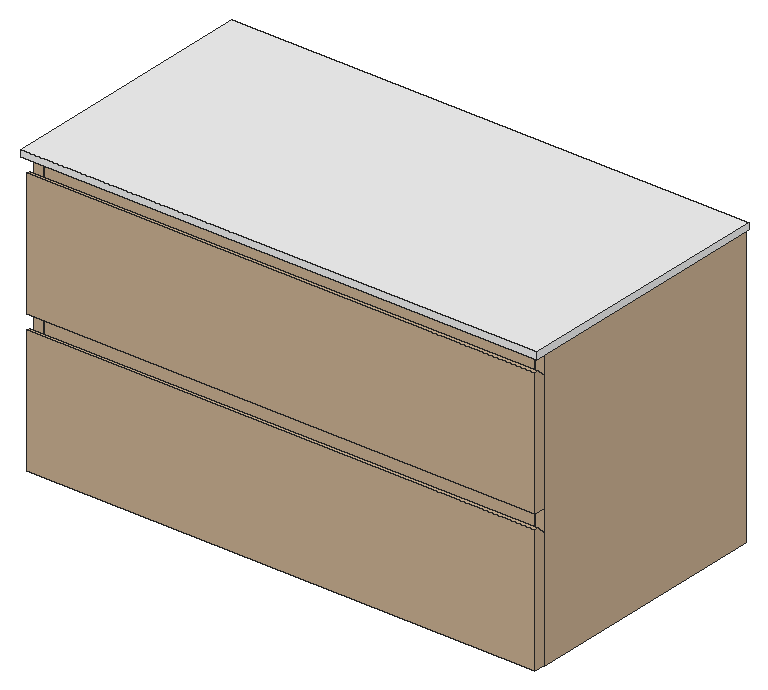
Revit family "Reece_Vanity_Kado_Arc_Drawer", category Casework, Revit 2018
Family settings
  Work Plane-Based = Yes
  Always vertical = Yes
  Cut with Voids When Loaded = Yes
  Shared = Yes
  Room Calculation Point = Yes
Parameters (values of type "Reece_All_Types")
  Width = Reece_Vanity_Top_Width  # 900 mm
  Reece_Vertical_Division_Count = 1
  Reece_Vanity_Top_Width = 900 mm
  Reece_Vanity_Top_Depth = 460 mm
  Reece_Vanity_Double_Bowl [instance] = Reece_Vanity_Bowl_Count = 2  # no
  Reece_Vanity_Centre_Bowl [instance] = Reece_Vanity_Bowl_Count = 1  # yes
  Reece_Vanity_Cabinet_Width [instance] = Reece_Vanity_Top_Width - 10 mm  # 890 mm
  Reece_Vanity_Cabinet_KickplateOrInstallation_Height [instance] = 200 mm
  Reece_Vanity_Cabinet_Height [instance] = if(Reece_Cabinet_Height Dimension > 490 mm, 490 mm, if(Reece_Cabinet_Height Dimension < 490 mm, 400 mm, Reece_Cabinet_Height Dimension))  # 490 mm
  Reece_Vanity_Cabinet_Depth [instance] = Reece_Vanity_Top_Depth - 23 mm  # 437 mm
  Reece_Vanity_Bowl_Count = 1
  Reece_Product_Web Page = "https://www.reece.com.au/product/-"
  Reece_Product_Type = "Vanity"
  Reece_Product_Sub Brand = "Arc"
  Reece_Product_Number = ""
  Reece_Product_Mount = "Wall Mounted"
  Reece_Product_Description = ""
  Reece_Product_Brand = "Kado"
  Reece_Panels_Count [instance] = if(Reece_Vertical_Division_Count > 2, 2, if(Reece_Vertical_Division_Count < 2, Reece_Vertical_Division_Count, Reece_Vertical_Division_Count))  # 1
  Reece_Panel_Width [instance] = Reece_Distance_Calculation  # 886 mm
  Reece_Overall_Depth [instance] = 460 mm
  Reece_Material_Secondary = Reece_Timber_Australian Chestnut
  Reece_Material_Cabinet = Reece_Timber_Australian Chestnut
  Reece_Material_Benchtop = Reece_Corian_Solid_Surface_Glacier White
  Reece_Drawer_Plumbing Cut [instance] = 196 mm  # constant formula
  Reece_Drawer_No Plumbing Cut [instance] = 10 mm  # constant formula
  Reece_Drawer_Back Panel_Height = 0 mm
  Reece_Drawer [instance] = yes
  Reece_Detail_Taphole Configuration = ""
  Reece_Detail_Disclaimer = "THIS FILE IS THE PROPERTY OF THE REECE GROUP. IT MAY NOT BE REPRODUCED, REVERSE-ENGINEERED, OR MODIFIED. ANY REPUBLICATION, TRANSMISSION, OR DISTRIBUTION FOR THE PURPOSE OF COMMERCIALLY EXPLOITING THE FILES IS PROHIBITED."  # constant formula
  Reece_Detail_Bowl Type = ""
  Reece_Centre_Panel_2 = Reece_Vertical_Division_Count = 4  # no
  Reece_Cabinet_Type_2 [instance] = not(Reece_Cabinet_Type_1)  # yes
  Reece_Cabinet_Type_1 [instance] = and(or(Reece_Vertical_Division_Count = 2, Reece_Cabinet_Height Dimension = 400 mm, Reece_Vanity_Top_Width < 600 mm))  # no
  Reece_Cabinet_Height Dimension = 490 mm
  Reece_Panel_Thickness_Top = 12 mm
  Reece_Panel_Thickness_Side [instance] = 18 mm  # constant formula
  Reece_Panel_Thickness_Bottom [instance] = 16 mm  # constant formula
  Reece_Panel_Thickness_Back [instance] = 16 mm  # constant formula
  Reece_Panel_Offset [instance] = ((Reece_Distance_Calculation / 2)) + Reece_Panel_Gap  # 445 mm
  Reece_Panel_Height [instance] = Reece_Vanity_Cabinet_Height - 25 mm  # 465 mm
  Reece_Panel_Gap [instance] = 2 mm  # constant formula
  Reece_Panel_Count_Doors [instance] = if(Reece_Panels_Count = 1, 2, Reece_Panels_Count)  # 2
  Reece_Overall_Width [instance] = 900 mm
  Reece_Overall_Height [instance] = 502 mm
  Reece_Overall_Capacity = 0.00 L
  Reece_Drawer_Height [instance] = (Reece_Vanity_Cabinet_Height / 2) - 25 mm  # 220 mm
  Reece_Drawer_Depth [instance] = 455 mm  # constant formula
  Reece_Distance_Calculation [instance] = ((Reece_Vanity_Cabinet_Width) - ((Reece_Panels_Count + 1) * Reece_Panel_Gap)) / (Reece_Panels_Count)  # 886 mm
  Reece_Detail_Additional = "Please refer to Colour, Finish and Material Variations Document for more information.\r\n"  # constant formula
  Reece_Centre_Panel [instance] = Reece_Vertical_Division_Count = 2  # no
  Reece_Basin_Outlet = 40 mm  # constant formula
  Height = Reece_Cabinet_Height Dimension + Reece_Panel_Thickness_Top  # 502 mm
  Finish = "Please refer to Colour, Finish and Material Variations Document for more information.\r\n"  # constant formula
  Disclaimer = "THIS FILE IS THE PROPERTY OF THE REECE GROUP. IT MAY NOT BE REPRODUCED, REVERSE-ENGINEERED, OR MODIFIED. ANY REPUBLICATION, TRANSMISSION, OR DISTRIBUTION FOR THE PURPOSE OF COMMERCIALLY EXPLOITING THE FILES IS PROHIBITED."  # constant formula
  Depth = Reece_Vanity_Top_Depth  # 460 mm
  Default Elevation = 0 mm
Reference planes
  plane 1 "Center (Front/Back)": y = 0
  plane 2 "Bottom Host Plane": z = 200
  plane 3 "Center Top View Vertical": x = 0
  plane 4: x = -450
  plane 5: x = 450
  plane 6 "Top Host Plane": z = 702
  plane 7 "Top of Cabinet": z = 690
  plane 8: y = -460
  plane 9 "Centre Top View Horizontal": y = -230
  plane 10: y = -437
  plane 11: x = -445
  plane 12: x = 445
  plane 13: x = -427
  plane 14: x = 427
  plane 15: z = 216
  plane 16: y = -16
  plane 17: y = -437
  plane 18: y = -419
  plane 19 "Backing 1": z = 621
  plane 20 "Mid Top": z = 567.5
  plane 21 "Mid Host Plane": z = 445
  plane 22 "Mid Bottom": z = 322.5
  plane 23: x = 0
  plane 24: x = 0
  plane 25 "Backing 2": z = 376
  plane 26: y = -455
  plane 27: z = 480
Forms (mm)
  Extrusion 1, solid, material "Reece_Corian_Solid_Surface_Glacier White" <- "Reece_Material_Benchtop"
    sketch origin (0, 0, 0) x (1, 0, 0) y (0, 0, 1)
      loop
        line (-450, 702) -> (-450, 690) -> (450, 690) -> (450, 702) -> (-450, 702)
    from 0 to 460
  Extrusion 2, solid, material "Reece_Timber_Australian Chestnut" <- "Reece_Material_Cabinet"
    sketch origin (0, 0, 0) x (1, 0, 0) y (0, 0, 1)
      loop
        line (-445, 690) -> (-445, 200) -> (-427, 200) -> (-427, 690) -> (-445, 690)
      loop
        line (427, 690) -> (427, 200) -> (445, 200) -> (445, 690) -> (427, 690)
    from 0 to 437
  Extrusion 3, solid, material "Reece_Timber_Australian Chestnut" <- "Reece_Material_Cabinet"
    sketch origin (0, 0, 0) x (0, 1, 0) y (0, 0, 1)
      loop
        line (-16, 690) -> (-16, 200) -> (0, 200) -> (0, 690) -> (-16, 690)
    from -445 to 445
  Extrusion 4, solid, material "Reece_Timber_Australian Chestnut" <- "Reece_Material_Cabinet"
    sketch origin (0, 0, 0) x (0, 1, 0) y (0, 0, 1)
      loop
        line (-16, 216) -> (-437, 216) -> (-437, 200) -> (-16, 200) -> (-16, 216)
    from -427 to 427
  Extrusion 5, solid, material "Reece_Timber_Australian Chestnut" <- "Reece_Material_Cabinet"
    sketch origin (0, 0, 0) x (0, 1, 0) y (0, 0, 1)
      loop
        line (-437, 690) -> (-437, 621) -> (-419, 621) -> (-419, 690) -> (-437, 690)
    from -427 to 427
  Extrusion 6, solid, material "Reece_Timber_Australian Chestnut" <- "Reece_Material_Secondary", visible <- "Reece_Cabinet_Type_2"
    sketch origin (0, 0, 0) x (0, 1, 0) y (0, 0, 1)
      loop
        line (-419, 480) -> (-437, 480) -> (-437, 376) -> (-419, 376) -> (-419, 480)
    from -427 to 427
  Extrusion 7, solid, material "Reece_Timber_Australian Chestnut" <- "Reece_Material_Secondary", visible <- "Reece_Centre_Panel_2"
    sketch origin (0, 0, 0) x (0, 1, 0) y (0, 0, 1)
      loop
        line (-419, 690) -> (-419, 621) -> (-437, 621) -> (-437, 445) -> (-419, 445) -> (-419, 376) -> (-437, 376) -> (-437, 216) -> (-16, 216) -> (-16, 690) -> (-419, 690)
    from -8 to 8
  Extrusion 8, solid, material "Reece_Timber_Australian Chestnut" <- "Reece_Material_Secondary", visible <- "Reece_Centre_Panel"
    sketch origin (0, 0, 0) x (0, 1, 0) y (0, 0, 1)
      loop
        line (-419, 690) -> (-419, 621) -> (-437, 621) -> (-437, 216) -> (-16, 216) -> (-16, 690) -> (-419, 690)
    from -8 to 8
Cuts and joins
  joined: Extrusion 2, Extrusion 3
Text (mm)
  text "Reece ©" at (2681.132, -2204.482, 3131.199), in view "Reece Preview"
  text "Reece Copyright © 2018, Reece Ltd." at (-937.254, -600.267, 0), in view "Ref. Level"
Dimensions and locks
  "Reece_Vanity_Cabinet_Height": plane 7 "Top of Cabinet" to plane 2 "Bottom Host Plane"
  "Reece_Panel_Thickness_Top": plane 6 "Top Host Plane" to plane 7 "Top of Cabinet"
  "Reece_Overall_Height": plane 6 "Top Host Plane" to plane 2 "Bottom Host Plane"
  equal spacing: plane 8, plane 9 "Centre Top View Horizontal", plane 1 "Center (Front/Back)"
  "Reece_Vanity_Top_Depth": plane 8 to plane 1 "Center (Front/Back)"
  "Reece_Vanity_Cabinet_KickplateOrInstallation_Height": plane 2 "Bottom Host Plane" to level
  plane 6 "Top Host Plane" to level = 702 mm
  equal spacing: plane 5, plane 3 "Center Top View Vertical", plane 4
  "Reece_Vanity_Top_Width": plane 5 to plane 4
  equal spacing: plane 12, plane 3 "Center Top View Vertical", plane 11
  "Reece_Vanity_Cabinet_Width": plane 12 to plane 11
  "Reece_Vanity_Cabinet_Depth": plane 1 "Center (Front/Back)" to plane 10
  "Reece_Vanity_Top_Depth": plane 1 "Center (Front/Back)" to plane 8
  "Reece_Panel_Thickness_Bottom": plane 15 to plane 2 "Bottom Host Plane"
  "Reece_Panel_Thickness_Back": plane 1 "Center (Front/Back)" to plane 16
  "Reece_Panel_Thickness_Side": plane 13 to plane 11
  "Reece_Panel_Thickness_Side": plane 14 to plane 12
  plane 18 to plane 17 to plane 8 = 18 mm locked, 23 mm locked
  equal spacing: plane 7 "Top of Cabinet", plane 20 "Mid Top", plane 21 "Mid Host Plane", plane 22 "Mid Bottom", plane 2 "Bottom Host Plane"
  locked: plane 19 "Backing 1" to plane 7 "Top of Cabinet" at 69
  equal spacing: plane 24, plane 3 "Center Top View Vertical", plane 23
  "Reece_Panel_Offset": plane 23 to plane 11
  "Reece_Overall_Width": plane 4 to plane 5
  "Reece_Overall_Depth": plane 8 to plane 1 "Center (Front/Back)"
  plane 25 "Backing 2" to plane 21 "Mid Host Plane" to plane 27 = 69 mm locked, 35 mm locked
  aligned and locked: plane 6 "Top Host Plane" to Extrusion 1 sketch curve
  aligned and locked: plane 4 to Extrusion 1 sketch curve
  aligned and locked: Extrusion 1 sketch curve to plane 7 "Top of Cabinet"
  aligned and locked: plane 5 to Extrusion 1 sketch curve
  aligned and locked: Extrusion 1 to plane 8
  aligned and locked: Extrusion 1 to Extrusion 2 sketch curve
  aligned and locked: plane 11 to Extrusion 2 sketch curve
  aligned and locked: plane 2 "Bottom Host Plane" to Extrusion 2 sketch curve  (x2)
  aligned and locked: Extrusion 2 sketch curve to plane 13
  aligned and locked: plane 7 "Top of Cabinet" to Extrusion 2 sketch curve
  aligned and locked: Extrusion 2 sketch curve to plane 14
  aligned and locked: plane 12 to Extrusion 2 sketch curve
  aligned and locked: Extrusion 2 to plane 10
  aligned and locked: plane 7 "Top of Cabinet" to Extrusion 3 sketch curve
  aligned and locked: Extrusion 3 sketch curve to plane 16
  aligned and locked: plane 2 "Bottom Host Plane" to Extrusion 3 sketch curve
  aligned and locked: Extrusion 3 to plane 11
  aligned and locked: Extrusion 3 to plane 12
  aligned and locked: plane 15 to Extrusion 4 sketch curve
  aligned and locked: Extrusion 4 sketch curve to plane 16
  aligned and locked: Extrusion 4 sketch curve to plane 2 "Bottom Host Plane"
  aligned and locked: plane 10 to Extrusion 4 sketch curve
  aligned and locked: Extrusion 4 to plane 13
  aligned and locked: Extrusion 4 to plane 14
  aligned and locked: plane 17 to Extrusion 5 sketch curve
  aligned and locked: Extrusion 5 sketch curve to plane 19 "Backing 1"
  aligned and locked: Extrusion 5 sketch curve to plane 18
  aligned and locked: Extrusion 5 sketch curve to plane 7 "Top of Cabinet"
  aligned and locked: Extrusion 5 to plane 13
  aligned and locked: Extrusion 5 to plane 14
  aligned and locked: plane 1 "Center (Front/Back)" to nested 1
  aligned and locked: plane 23 to nested 1
  aligned and locked: plane 23 to nested 2
  aligned and locked: nested 3 to plane 24
  aligned and locked: nested 4 to plane 24
  aligned and locked: plane 17 to Extrusion 6 sketch curve
  aligned and locked: Extrusion 6 sketch curve to plane 18
  aligned and locked: Extrusion 6 sketch curve to plane 25 "Backing 2"
  aligned and locked: Extrusion 6 to plane 13
  aligned and locked: Extrusion 6 to plane 14
  aligned and locked: plane 23 to nested 5
  aligned and locked: plane 1 "Center (Front/Back)" to nested 5
  aligned and locked: nested 6 to plane 24
  aligned and locked: plane 3 "Center Top View Vertical" to nested 7
  aligned and locked: plane 9 "Centre Top View Horizontal" to nested 7
  aligned and locked: cut or joined group of Extrusion 2, Extrusion 3 to plane 17
  aligned and locked: plane 23 to nested 8
  aligned and locked: nested 9 to plane 24
  aligned and locked: plane 7 "Top of Cabinet" to Extrusion 7 sketch curve
  aligned and locked: plane 16 to Extrusion 7 sketch curve
  aligned and locked: plane 15 to Extrusion 7 sketch curve
  aligned and locked: plane 18 to Extrusion 7 sketch curve  (x2)
  aligned and locked: plane 19 "Backing 1" to Extrusion 7 sketch curve
  aligned and locked: plane 17 to Extrusion 7 sketch curve  (x2)
  aligned and locked: plane 21 "Mid Host Plane" to Extrusion 7 sketch curve
  aligned and locked: plane 25 "Backing 2" to Extrusion 7 sketch curve
  aligned and locked: Extrusion 6 sketch curve to plane 27
Automatic sketch dimensions
  Extrusion 3 sketch curve to plane 1 "Center (Front/Back)" = 0 mm
  plane 7 "Top of Cabinet" to Extrusion 8 sketch curve = 0 mm
  Extrusion 8 sketch curve to plane 18 = 0 mm
  Extrusion 8 sketch curve to plane 15 = 0 mm
  Extrusion 8 sketch curve to plane 16 = 0 mm
  plane 19 "Backing 1" to Extrusion 8 sketch curve = 0 mm
  Extrusion 8 sketch curve to plane 10 = 0 mm
Nested families
  nested 1: "Reece_Vanity_Kado_Arc_Drawer_Nested" at (0, 0, 200), Reece_Overall_Width <- "Reece_Panel_Width", Reece_Overall_Height <- "Reece_Drawer_Height", visible <- "Reece_Cabinet_Type_2", Reece_Overall_Depth <- "Reece_Drawer_Depth", Reece_Drawer <- "Reece_Drawer", Reece_Material_Secondary <- "Reece_Material_Secondary", Reece_Material_Cabinet <- "Reece_Material_Cabinet", type "Reece_Vanity_Kado_Arc_Drawer_Nested"
    with Reece_Overall_Width 886 mm, Reece_Overall_Length 200 mm, Reece_Overall_Height 220 mm, Reece_Overall_Depth 455 mm, Reece_Material_Secondary Reece_Timber_Australian Chestnut, Reece_Material_Cabinet Reece_Timber_Australian Chestnut, Reece_Drawer_Width 774 mm, Reece_Drawer_Plumbing Cut 10 mm, Reece_Drawer_Height 96 mm, Reece_Drawer_Depth 344 mm, Reece_Drawer_Back Panel_Height 96 mm, Reece_Drawer yes
  nested 2: "Reece_Vanity_Kado_Arc_Drawer_Nested" at (0, 0, 445), Reece_Overall_Width <- "Reece_Panel_Width", Reece_Overall_Height <- "Reece_Drawer_Height", visible <- "Reece_Cabinet_Type_2", Reece_Overall_Depth <- "Reece_Drawer_Depth", Reece_Drawer <- "Reece_Drawer", Reece_Material_Secondary <- "Reece_Material_Secondary", Reece_Drawer_Plumbing Cut <- "Reece_Drawer_Plumbing Cut", Reece_Material_Cabinet <- "Reece_Material_Cabinet", type "Reece_Vanity_Kado_Arc_Drawer_Nested"
    with Reece_Overall_Width 886 mm, Reece_Overall_Length 200 mm, Reece_Overall_Height 220 mm, Reece_Overall_Depth 455 mm, Reece_Material_Secondary Reece_Timber_Australian Chestnut, Reece_Material_Cabinet Reece_Timber_Australian Chestnut, Reece_Drawer_Width 774 mm, Reece_Drawer_Plumbing Cut 196 mm, Reece_Drawer_Height 96 mm, Reece_Drawer_Depth 344 mm, Reece_Drawer_Back Panel_Height 96 mm, Reece_Drawer yes
  nested 3: "Reece_Vanity_Kado_Arc_Drawer_Nested" at (0, 0, 200) x (-1, 0, 0) z (0, 0, 1), Reece_Overall_Width <- "Reece_Panel_Width", Reece_Overall_Height <- "Reece_Drawer_Height", visible <- "Reece_Cabinet_Type_2", Reece_Overall_Depth <- "Reece_Drawer_Depth", Reece_Drawer <- "Reece_Drawer", Reece_Material_Secondary <- "Reece_Material_Secondary", Reece_Material_Cabinet <- "Reece_Material_Cabinet", type "Reece_Vanity_Kado_Arc_Drawer_Nested"
    with Reece_Overall_Width 886 mm, Reece_Overall_Length 200 mm, Reece_Overall_Height 220 mm, Reece_Overall_Depth 455 mm, Reece_Material_Secondary Reece_Timber_Australian Chestnut, Reece_Material_Cabinet Reece_Timber_Australian Chestnut, Reece_Drawer_Width 774 mm, Reece_Drawer_Plumbing Cut 10 mm, Reece_Drawer_Height 96 mm, Reece_Drawer_Depth 344 mm, Reece_Drawer_Back Panel_Height 96 mm, Reece_Drawer yes
  nested 4: "Reece_Vanity_Kado_Arc_Drawer_Nested" at (0, 0, 445) x (-1, 0, 0) z (0, 0, 1), Reece_Overall_Width <- "Reece_Panel_Width", Reece_Overall_Height <- "Reece_Drawer_Height", visible <- "Reece_Cabinet_Type_2", Reece_Overall_Depth <- "Reece_Drawer_Depth", Reece_Drawer <- "Reece_Drawer", Reece_Material_Secondary <- "Reece_Material_Secondary", Reece_Drawer_Plumbing Cut <- "Reece_Drawer_Plumbing Cut", Reece_Material_Cabinet <- "Reece_Material_Cabinet", type "Reece_Vanity_Kado_Arc_Drawer_Nested"
    with Reece_Overall_Width 886 mm, Reece_Overall_Length 200 mm, Reece_Overall_Height 220 mm, Reece_Overall_Depth 455 mm, Reece_Material_Secondary Reece_Timber_Australian Chestnut, Reece_Material_Cabinet Reece_Timber_Australian Chestnut, Reece_Drawer_Width 774 mm, Reece_Drawer_Plumbing Cut 196 mm, Reece_Drawer_Height 96 mm, Reece_Drawer_Depth 344 mm, Reece_Drawer_Back Panel_Height 96 mm, Reece_Drawer yes
  nested 5: "Reece_Vanity_Kado_Arc_Drawer_Nested" at (0, 0, 200), Reece_Overall_Height <- "Reece_Panel_Height", Reece_Overall_Width <- "Reece_Panel_Width", visible <- "Reece_Cabinet_Type_1", Reece_Drawer <- "Reece_Drawer", Reece_Material_Secondary <- "Reece_Material_Secondary", Reece_Drawer_Plumbing Cut <- "Reece_Drawer_Plumbing Cut", Reece_Material_Cabinet <- "Reece_Material_Cabinet", type "Reece_Vanity_Kado_Arc_Drawer_Nested"
    with Reece_Overall_Width 886 mm, Reece_Overall_Length 200 mm, Reece_Overall_Height 465 mm, Reece_Overall_Depth 455 mm, Reece_Material_Secondary Reece_Timber_Australian Chestnut, Reece_Material_Cabinet Reece_Timber_Australian Chestnut, Reece_Drawer_Width 774 mm, Reece_Drawer_Plumbing Cut 196 mm, Reece_Drawer_Height 96 mm, Reece_Drawer_Depth 344 mm, Reece_Drawer_Back Panel_Height 186 mm, Reece_Drawer yes
  nested 6: "Reece_Vanity_Kado_Arc_Drawer_Nested" at (0, 0, 200) x (-1, 0, 0) z (0, 0, 1), Reece_Overall_Height <- "Reece_Panel_Height", Reece_Overall_Width <- "Reece_Panel_Width", visible <- "Reece_Cabinet_Type_1", Reece_Drawer <- "Reece_Drawer", Reece_Material_Secondary <- "Reece_Material_Secondary", Reece_Drawer_Plumbing Cut <- "Reece_Drawer_Plumbing Cut", Reece_Material_Cabinet <- "Reece_Material_Cabinet", type "Reece_Vanity_Kado_Arc_Drawer_Nested"
    with Reece_Overall_Width 886 mm, Reece_Overall_Length 200 mm, Reece_Overall_Height 465 mm, Reece_Overall_Depth 455 mm, Reece_Material_Secondary Reece_Timber_Australian Chestnut, Reece_Material_Cabinet Reece_Timber_Australian Chestnut, Reece_Drawer_Width 774 mm, Reece_Drawer_Plumbing Cut 196 mm, Reece_Drawer_Height 96 mm, Reece_Drawer_Depth 344 mm, Reece_Drawer_Back Panel_Height 186 mm, Reece_Drawer yes
  nested 7: "Reece_Casework_Attachment_Point_Cross_Nested" at (0, -230, 702) x (1, 0, 0) z (0, 0, -1), visible <- "Reece_Vanity_Centre_Bowl", type "Reece_Casework_Attachment_Point_Cross_Nested"
  nested 8: "Reece_Casework_Attachment_Point_Cross_Nested" at (0, -230, 702), visible <- "Reece_Vanity_Double_Bowl", type "Reece_Casework_Attachment_Point_Cross_Nested"
  nested 9: "Reece_Casework_Attachment_Point_Cross_Nested" at (0, -230, 702), visible <- "Reece_Vanity_Double_Bowl", type "Reece_Casework_Attachment_Point_Cross_Nested"
Definition of nested family "Reece_Vanity_Kado_Arc_Drawer_Nested"
  Parameters (values of type "Reece_Vanity_Kado_Arc_Drawer_Nested")
    Reece_Product_Web Page = ""
    Reece_Product_Type = ""
    Reece_Product_Sub Brand = ""
    Reece_Product_Number = ""
    Reece_Product_Mount = ""
    Reece_Product_Description = ""
    Reece_Product_Brand = ""
    Reece_Overall_Width [instance] = 900 mm
    Reece_Overall_Length [instance] = 200 mm
    Reece_Overall_Height [instance] = 375 mm
    Reece_Overall_Depth [instance] = 455 mm
    Reece_Material_Secondary [instance] = none
    Reece_Material_Cabinet [instance] = none
    Reece_Drawer_Width [instance] = Reece_Overall_Width - 112 mm  # 788 mm
    Reece_Drawer_Plumbing Cut [instance] = 10 mm
    Reece_Drawer_Offset_Back [instance] = 77 mm
    Reece_Drawer_Height [instance] = 170 mm
    Reece_Drawer_Depth [instance] = Reece_Overall_Depth - 111 mm  # 344 mm
    Reece_Drawer_Back Panel_Height [instance] = 186 mm
    Reece_Drawer [instance] = yes
    Reece_Detail_Shape = ""
    Reece_Detail_Installation = ""
    Reece_Detail_Connector = ""
    Reece_Detail_Additional = ""
    Reece_Basin_Outlet = 0 mm
    Default Elevation = 0 mm
  Reference planes
    plane 1 "Center (Front/Back)": y = 0
    plane 2 "Bottom Host Plane": z = 0
    plane 3 "Center (Left/Right)": x = 0
    plane 4 "Top Host Plane": z = 375
    plane 5: y = -455
    plane 6: y = -437
    plane 7: y = -93
    plane 8: y = -77
    plane 9: z = 51
    plane 10: z = 205
    plane 11: x = 394
    plane 12: x = -394
    plane 13: x = 450
    plane 14: x = -450
    plane 15: x = 378
    plane 16: x = -378
    plane 17 "Bottom Panel": z = 35
    plane 18 "Back Panel Height": z = 221
    plane 19 "Plumbing cut plane": z = 25
  Forms (mm)
    Extrusion 1, solid, material <- "Reece_Material_Cabinet"
      sketch origin (0, 0, 0) x (0, 1, 0) y (0, 0, 1)
        loop
          line (-455, 0) -> (-437, 0) -> (-437, 375) -> (-455, 375) -> (-455, 0)
      from -450 to 450
    Extrusion 2, solid, material <- "Reece_Material_Secondary", visible <- "Reece_Drawer"
      sketch origin (0, 0, 0) x (0, 1, 0) y (0, 0, 1)
        loop
          line (-77, 221) -> (-93, 221) -> (-93, 51) -> (-77, 51) -> (-77, 221)
      from -394 to 394
    Extrusion 3, solid, material <- "Reece_Material_Secondary", visible <- "Reece_Drawer"
      sketch origin (0, 0, 0) x (0, 1, 0) y (0, 0, 1)
        loop
          line (-77, 35) -> (-77, 51) -> (-437, 51) -> (-437, 35) -> (-77, 35)
      from -394 to 394
    Extrusion 4, solid, material <- "Reece_Material_Secondary", visible <- "Reece_Drawer"
      sketch origin (0, 0, 0) x (1, 0, 0) y (0, 0, 1)
        loop
          line (394, 205) -> (378, 205) -> (378, 51) -> (394, 51) -> (394, 205)
        loop
          line (-394, 205) -> (-394, 51) -> (-378, 51) -> (-378, 205) -> (-394, 205)
      from 93 to 437
    Extrusion 5, void
      sketch origin (0, 0, 0) x (0, 1, 0) y (0, 0, 1)
        loop
          line (-449, 375) -> (-421.251, 347.251) -> (-421.251, 375) -> (-449, 375)
      from -450 to 450
    Extrusion 6, void
      sketch origin (0, 0, 25) x (0, 1, 0) y (-1, 0, 0)
        loop
          line (-77, 65) -> (-272, 65)
          arc (-272, 65) -> (-310.891, 48.891) -> (-327, 10) r 55
          line (-327, 10) -> (-327, -10)
          arc (-327, -10) -> (-310.891, -48.891) -> (-272, -65) r 55
          line (-272, -65) -> (-77, -65) -> (-77, 65)
      from 10 to 0
  Cuts and joins
    Extrusion 5 cuts Extrusion 1
    Extrusion 6 cuts Extrusion 3
    Extrusion 6 cuts Extrusion 2
  Text (mm)
    text "Reece ©" at (2750.254, -2396.412, 2870.147), in view "Reece Preview"
    text "Reece Copyright © 2018, Reece Ltd." at (-526.759, -443.435, 0), in view "Ref. Level"
  Dimensions and locks
    equal spacing: plane 12, plane 3 "Center (Left/Right)", plane 11
    "Reece_Drawer_Width": plane 12 to plane 11
    equal spacing: plane 13, plane 3 "Center (Left/Right)", plane 14
    "Reece_Overall_Width": plane 13 to plane 14
    "Reece_Drawer_Height": plane 10 to plane 17 "Bottom Panel"
    "Reece_Overall_Height": plane 4 "Top Host Plane" to plane 2 "Bottom Host Plane"
    "Reece_Overall_Depth": plane 1 "Center (Front/Back)" to plane 5
    locked: plane 15 to plane 11 at 16
    locked: plane 16 to plane 12 at 16
    locked: plane 8 to plane 7 at 16
    locked: plane 6 to plane 5 at 18
    "Reece_Drawer_Offset_Back": plane 1 "Center (Front/Back)" to plane 8
    "Reece_Drawer_Depth": plane 7 to plane 6
    plane 9 to plane 17 "Bottom Panel" to plane 19 "Plumbing cut plane" = 16 mm locked, 10 mm locked
    locked: plane 17 "Bottom Panel" to plane 2 "Bottom Host Plane" at 35
    "Reece_Drawer_Back Panel_Height": plane 18 "Back Panel Height" to plane 17 "Bottom Panel"
    "Reece_Drawer_Plumbing Cut": Extrusion 6 to plane 19 "Plumbing cut plane"
    aligned and locked: plane 6 to Extrusion 1 sketch curve
    aligned and locked: Extrusion 1 sketch curve to plane 5
    aligned and locked: plane 4 "Top Host Plane" to Extrusion 1 sketch curve
    aligned and locked: Extrusion 3 sketch curve to plane 8
    aligned and locked: plane 6 to Extrusion 3 sketch curve
    aligned and locked: plane 9 to Extrusion 3 sketch curve
    aligned and locked: plane 9 to Extrusion 2 sketch curve
    aligned and locked: plane 8 to Extrusion 2 sketch curve
    aligned and locked: Extrusion 2 sketch curve to plane 7
    aligned and locked: Extrusion 2 to plane 11
    aligned and locked: Extrusion 2 to plane 12
    aligned and locked: Extrusion 3 to Extrusion 2
    aligned and locked: Extrusion 3 to plane 11
    aligned and locked: Extrusion 3 to plane 12
    aligned and locked: plane 13 to Extrusion 1
    aligned and locked: Extrusion 1 to plane 14
    aligned and locked: plane 11 to Extrusion 4 sketch curve
    aligned and locked: Extrusion 4 sketch curve to plane 10
    aligned and locked: plane 9 to Extrusion 4 sketch curve
    aligned and locked: Extrusion 4 sketch curve to plane 15
    aligned and locked: plane 10 to Extrusion 4 sketch curve
    aligned and locked: Extrusion 4 sketch curve to plane 12
    aligned and locked: plane 16 to Extrusion 4 sketch curve
    aligned and locked: Extrusion 4 sketch curve to plane 9
    aligned and locked: Extrusion 4 to plane 7
    aligned and locked: plane 6 to Extrusion 4
    aligned and locked: plane 14 to Extrusion 5
    aligned and locked: plane 13 to Extrusion 5
    aligned and locked: Extrusion 5 to plane 4 "Top Host Plane"
    aligned and locked: plane 2 "Bottom Host Plane" to Extrusion 1 sketch curve
    aligned and locked: Extrusion 3 sketch curve to plane 17 "Bottom Panel"
    aligned and locked: Extrusion 2 sketch curve to plane 18 "Back Panel Height"
    aligned and locked: Extrusion 6 sketch curve to plane 8
  Automatic sketch dimensions
    plane 4 "Top Host Plane" to Extrusion 5 sketch curve = 0 mm
    Extrusion 5 sketch curve to plane 5 = 6 mm
    Extrusion 5 sketch curve to plane 6 = 15.749 mm
    plane 4 "Top Host Plane" to Extrusion 5 sketch curve = 27.749 mm
    Extrusion 6 sketch curve to plane 3 "Center (Left/Right)" = 10 mm
    Extrusion 6 sketch curve to plane 6 = 165 mm
    Extrusion 6 sketch curve to Extrusion 6 sketch curve = 0 mm
    Extrusion 6 sketch curve to Extrusion 6 sketch curve = 55 mm
    plane 3 "Center (Left/Right)" to Extrusion 6 sketch curve = 10 mm
Definition of nested family "Reece_Casework_Attachment_Point_Cross_Nested"
  Parameters (values of type "Reece_Casework_Attachment_Point_Cross_Nested")
    Default Elevation = 1219.2 mm
  Reference planes
    plane 1 "Center (Front/Back)": y = 0
    plane 2: z = 0
    plane 3 "Center (Left/Right)": x = 0
  Lines and regions (mm)
    model lines
      curve 1: line (0, 50, 0) -> (0, -50, 0)
      curve 2: line (50, 0, 0) -> (-50, 0, 0)
  Dimensions and locks
    aligned and locked: level to plane 2
    aligned and locked: curve 2 to plane 1 "Center (Front/Back)"
    aligned and locked: curve 1 to plane 3 "Center (Left/Right)"
